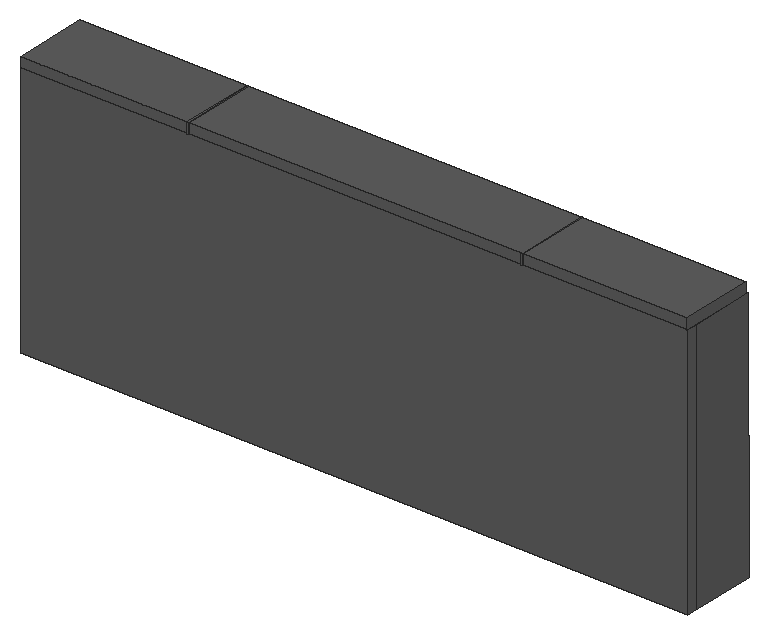
Revit family "WashbasinUnit-120cm-Middle-Vitra-OriginSeries-65686+65687+65688", category Furniture Systems, host Face, Revit 2017
Family settings
  Host = Face
  Round Connector Dimension = Use Diameter
  Part Type = Normal
  OmniClass Number = 23.40.00.00
  OmniClass Title = Equipment and Furnishings
  Cut with Voids When Loaded = No
  Shared = Yes
  Room Calculation Point = No
Parameters (values of type "WashbasinUnit-Vitra-OriginSeries-120cm_65686")
  Youtube = "https://www.youtube.com/user/VitrAglobal"
  Weight Net (kg) = "12"
  Warranty Period (Year) = "2"
  Uniformat II Description = "FURNISHINGS"
  Uniformat II Code = "E20"
  Uniclass 2015 Name = "Wash basins, sinks and troughs"
  Uniclass 2015 Code = "Pr_40_20_93"
  Uniclass 2.0 Description = "Bathroom Cabinets"
  Uniclass 2.0 Code = "PR-35-75-08"
  Uniclass 1.4 Description = "Bathroom Cabinets"
  Uniclass 1.4 Code = "L8241"
  URL = "https://vitraglobal.com/"
  UNSPSC Description = "Bathroom Cabinets"
  UNSPSC Code = "301815"
  Technical description = "https://www.vitraglobal.com/pdf/65686/"
  Tap hole Options (default) = ""
  Specification = ""
  Secondary Material = MattWhite
  Region South America = "All"
  Region Oceania = "All"
  Region North America = "All"
  Region Middle East = "All"
  Region Europe = "All"
  Region Asia = "All"
  Region Antarctica = "All"
  Region Africa = "All"
  Product url = "https://www.vitraglobal.com/bathroom-furniture/counters/storage-tables/origin-counter-with-drawer-sku-65686/"
  Product manual = ""
  Product group = "Washbasin Unit"
  Product family = "Origin"
  Product data url = "https://www.bimobject.com/vitra-bathrooms/product/65686-65687-65688"
  Product certification = "https://www.vitraglobal.com/brochures/"
  Product SKU = "65686"
  Product Guid = "https://www.vitraglobal.com/uyeIslem/fileDownload.aspx?udkEnc=jknA0+Tbm/Hm4TOyUwN+8y2DmbYZpN3DgWVixSaqpUl8lHcyJ4riURwxWsHd8AcBDazUBka7BIJo6TEQ9OYqmQ==&lang=en-US"
  Primary Material = Patterned Black Oak
  OmniClass Description = "Bathroom Cabinets"
  OmniClass Code = "23-31 25 13"
  Nominal Width (mm) = 1200 mm
  Nominal Height (mm) = 135 mm
  Nominal Depth (mm) = 480 mm
  NBS Referans Description = "Bathroom Cabinets"
  NBS Referans Code = "35-75-08"
  Mounting type = "Wall-Hung"
  Masterformat 2014 Description = "Bathroom Unit Modules"
  Masterformat 2014 Code = "13 42 13"
  Manufacturer name = "VitrA"
  Manufacturer = "VitrA"
  Main Material = "Wood"
  Installation instructions = "https://www.vitraglobal.com/uyeIslem/fileDownload.aspx?udkEnc=YT1cocbwVf1nhQ2jtuzVLRf+lQtiPzEc0mZ6gFoRvuzyYprAYoFjRTn2tIH66LmL1a1Jq37ROE+33uM/PE7myg==&lang=en-US"
  IFC Classification = "Furniture"
  EAN code = ""
  Design country = "Turkey"
  Description = "Origin Washbasin Unit, 120 cm"
  Default Elevation = 660 mm
  Color = "Matt White/Dore Oak"
  COBIe Type Category = ""
  Brand = "VitrA"
  BIMobject category = "Bathroom compound units"
  Article No. (default) = "65686"
  Accessories (default) = ""
Types (3, lengths in mm): name | Technical description | Product url | Product data url | Product SKU | Primary Material | Color | Article No. (default)
  WashbasinUnit-Vitra-OriginSeries-120cm_65688 | "https://www.vitraglobal.com/pdf/65688/" | "" | "https://www.vitraglobal.com/bathroom-furniture/counters/storage-tables/origin-counter-with-drawer-sku-65688/" | "65688" | Natural Oak | "Flat Oak" | "65688"
  WashbasinUnit-Vitra-OriginSeries-120cm_65687 | "https://www.vitraglobal.com/pdf/65687/" | "" | "https://www.vitraglobal.com/bathroom-furniture/counters/storage-tables/origin-counter-with-drawer-sku-65687/" | "65686" | Elm | "Elm" | "65686"
  WashbasinUnit-Vitra-OriginSeries-120cm_65686 | "https://www.vitraglobal.com/pdf/65686/" | "https://www.vitraglobal.com/bathroom-furniture/counters/storage-tables/origin-counter-with-drawer-sku-65686/" | "https://www.bimobject.com/vitra-bathrooms/product/65686-65687-65688" | "65686" | Patterned Black Oak | "Matt White/Dore Oak" | "65686"
Reference planes
  plane 1 "Center (Front/Back)": y = 0
  plane 2: z = 0
  plane 3 "Center (Left/Right)": x = -8.77
  plane 4: x = 454.576
  plane 5: x = -745.424
  plane 6: y = 0.372
  plane 7: y = 135.372
  plane 8: z = 480
Forms (mm)
  Extrusion 1, solid, material "Patterned Black Oak" <- "Primary Material", detail levels fine
    sketch origin (-279.424, -0.624, 231.903) x (0, 0, 1) y (1, 0, 0)
      loop
        line (229.097, -466) -> (229.097, 734) -> (-228.5, 734) -> (-228.5, -466) -> (229.097, -466)
    from 0.997 to 17.997
  Extrusion 2, solid, material "Patterned Black Oak" <- "Primary Material", detail levels fine
    sketch origin (-295.424, 135.372, 232.403) x (0, 0, -1) y (1, 0, 0)
      loop
        line (229, -450) -> (229, -434) -> (-228.597, -434) -> (-228.597, -450) -> (229, -450)
      loop
        line (-228.597, 750) -> (-228.597, 734) -> (229, 734) -> (229, 750) -> (-228.597, 750)
    from 0 to 118
  Extrusion 3, solid, material "Patterned Black Oak" <- "Primary Material", detail levels fine
    sketch origin (-292.424, 133.372, 469.903) x (0, 0, -1) y (1, 0, 0)
      loop
        line (-10.097, -453) -> (8.903, -453) -> (8.903, 745) -> (-10.097, 745) -> (-10.097, -453)
    from 0 to 133
  Extrusion 4, solid, material "Patterned Black Oak" <- "Primary Material", detail levels fine
    sketch origin (-279.424, 134.372, 410.403) x (0, 0, 1) y (1, 0, 0)
      loop
        line (-49.403, -450) -> (50.597, -450) -> (50.597, 718) -> (-49.403, 718) -> (-49.403, -450)
      loop
        line (-307, 718) -> (-407, 718) -> (-407, -450) -> (-307, -450) -> (-307, 718)
    from 0 to -15.924
  Extrusion 5, solid, material "Patterned Black Oak" <- "Primary Material", detail levels fine
    sketch origin (128.073, 133.372, 469.903) x (0, 0, -1) y (1, 0, 0)
      loop
        line (-10.097, -570.903) -> (-10.097, -573.497) -> (8.903, -573.497) -> (8.903, -570.903) -> (-10.097, -570.903)
    from 0 to 133
  Extrusion 6, solid, material "Patterned Black Oak" <- "Primary Material", detail levels fine
    sketch origin (580.073, 133.372, 469.903) x (0, 0, -1) y (1, 0, 0)
      loop
        line (-10.097, -422.903) -> (-10.097, -425.497) -> (8.903, -425.497) -> (8.903, -422.903) -> (-10.097, -422.903)
    from 0 to 133
  Extrusion 7, solid, detail levels coarse+medium
    sketch origin (0, 0, 0) x (1, 0, 0) y (0, 1, 0)
      loop
        line (454.576, 145.372) -> (-745.424, 145.372) -> (-745.424, 0.372) -> (454.576, 0.372) -> (454.576, 145.372)
    from 0 to 480
  Extrusion 8, void
    sketch origin (0, 0, 0) x (1, 0, 0) y (0, 1, 0)
      loop
        line (454.576, 145.372) -> (-745.424, 145.372) -> (-745.424, 0.372) -> (454.576, 0.372) -> (454.576, 145.372)
    from 480 to 954.713
Dimensions and locks
  locked: Extrusion 3 to Extrusion 5 at 300
  "Nominal Height (mm)": plane 7 to plane 6
  plane 5 to plane 4 = 1200 mm
  "Nominal Width (mm)": plane 5 to plane 4
  "Nominal Depth (mm)": host face to plane 8
  Extrusion 8 to Extrusion 8 = 474.713 mm
  aligned and locked: plane 2 to host face
  aligned and locked: level to host face
  aligned and locked: Extrusion 2 to Extrusion 1
  aligned and locked: Extrusion 1 to Extrusion 3  (x2)
  aligned and locked: Extrusion 4 to Extrusion 2  (x2)
  aligned and locked: Extrusion 7 to Extrusion 1  (x2)
  aligned and locked: Extrusion 8 sketch curve to Extrusion 7  (x2)
  aligned and locked: Extrusion 8 to Extrusion 3
Automatic sketch dimensions
  host sketch curve to host sketch curve = 2438.4 mm  (x2)
  plane 5 to Extrusion 1 sketch curve = 0 mm
  plane 4 to Extrusion 1 sketch curve = 0 mm
  level to Extrusion 1 sketch curve = 3.403 mm
  plane 8 to Extrusion 1 sketch curve = 19 mm
  plane 5 to Extrusion 2 sketch curve = 0 mm
  plane 4 to Extrusion 2 sketch curve = 0 mm
  plane 8 to Extrusion 2 sketch curve = 19 mm  (x2)
  level to Extrusion 2 sketch curve = 3.403 mm  (x2)
  Extrusion 2 sketch curve to plane 5 = 16 mm
  Extrusion 2 sketch curve to Extrusion 2 sketch curve = 16 mm
  Extrusion 3 sketch curve to plane 8 = 0 mm
  plane 5 to Extrusion 3 sketch curve = 0 mm
  plane 4 to Extrusion 3 sketch curve = 2 mm
  plane 8 to Extrusion 3 sketch curve = 19 mm
  level to Extrusion 4 sketch curve = 3.403 mm
  plane 4 to Extrusion 4 sketch curve = 16 mm  (x2)
  Extrusion 4 sketch curve to Extrusion 4 sketch curve = 100 mm
  plane 8 to Extrusion 4 sketch curve = 119 mm
  plane 8 to Extrusion 4 sketch curve = 19 mm
  Extrusion 4 sketch curve to plane 5 = 16 mm  (x2)
  Extrusion 5 sketch curve to plane 8 = 0 mm
  plane 8 to Extrusion 5 sketch curve = 19 mm
  Extrusion 5 sketch curve to plane 3 "Center (Left/Right)" = 436.655 mm
  Extrusion 5 sketch curve to Extrusion 5 sketch curve = 2.594 mm
  Extrusion 6 sketch curve to plane 8 = 0 mm
  plane 8 to Extrusion 6 sketch curve = 19 mm
  plane 3 "Center (Left/Right)" to Extrusion 6 sketch curve = 163.345 mm
  Extrusion 6 sketch curve to Extrusion 6 sketch curve = 2.594 mm
  Extrusion 7 sketch curve to plane 5 = 0 mm
  Extrusion 7 sketch curve to plane 4 = 0 mm
  Extrusion 7 sketch curve to plane 6 = 0 mm
  plane 7 to Extrusion 7 sketch curve = 10 mm
  Extrusion 8 sketch curve to plane 6 = 0 mm
  plane 7 to Extrusion 8 sketch curve = 10 mm
